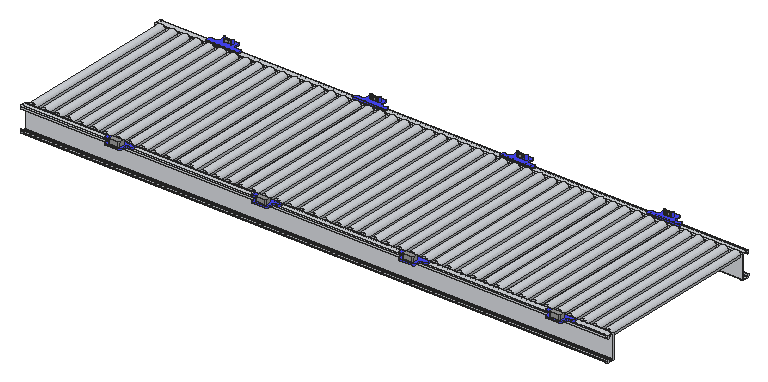
Revit family "C352", category Specialty Equipment, Revit 2025
Family settings
  Round Connector Dimension = Use Diameter
  Part Type = Normal
  Work Plane-Based = No
  Enable Cutting in Views = No
  Always vertical = Yes
  Cut with Voids When Loaded = No
  Maintain Annotation Orientation = No
  Shared = No
  Room Calculation Point = No
Parameters (values of type "C351- 42"")
  Weight [instance] = 0
  Version = ""
  Subsystem [instance] = ""
  Special_Part_Number [instance] = ""
  Special_Description [instance] = ""
  Special_Bed [instance] = no
  Segment [instance] = ""
  SIO_Block_Number [instance] = ""
  SENSOR_ARRY_NUM [instance] = round(CLR_BED_LENGTH / CLR_ZONES)  # 4
  SENSOR_ARRY [instance] = CLR_ZONES + CLR_SENSOR_SKEW  # 4' - 8"
  PHOTO_EYE_ARRAY [instance] = CLR_ZONES + CLR_PhotoEye_SP  # 4' - 0"
  Material_Number [instance] = ""
  MCP [instance] = ""
  Lookup Table Name BCL [instance] = "BOTTOM_COVER_BCL"
  Lookup Table Name BCAN [instance] = "BOTTOM_COVER_ARRAY_NUM"
  Lookup Table Name [instance] = "PHOTO_EYE"
  Load_Envelope_Height [instance] = 1' - 0"
  Load_Envelope [instance] = no
  IO_Block_Number [instance] = ""
  Field_Cut [instance] = no
  Estop_Zone [instance] = ""
  Error_State [instance] = no
  Default Elevation = 0' - 0"
  Conveyor_Number [instance] = "100"
  Conveyor_Elevation_Out [instance] = Conveyor_Elevation_In  # 2' - 7 51/256"
  Conveyor_Elevation_In [instance] = 2' - 7 51/256"
  CLR_ZONE_CONTROL = "N"
  CLR_ZONES [instance] = 3' - 0"
  CLR_VFD = no
  CLR_TE_POSITION = "N"
  CLR_TAKE_UP_SPRING_QUANTITY = 0
  CLR_TAKE_UP = "N"
  CLR_SUBCLASS = ""
  CLR_SPRING_COVER [instance] = no
  CLR_SPEED_FPM = 0
  CLR_SLAVE_RATIO = "N"
  CLR_SENSOR_SKEW [instance] = size_lookup(Lookup Table Name, "CSS", CLR_PhotoEye_SP, CLR_NOMINAL_WIDTH, CLR_ZONES, CLR_SENSOR_ANGLE)  # 1' - 8"
  CLR_SENSOR_MOUNT [instance] = "Side"
  CLR_SENSOR_HAND [instance] = "Left"
  CLR_SENSOR_ANGLE [instance] = 9.00°
  CLR_ROLLER_NUM [instance] = CLR_BED_LENGTH / CLR_ROLLER_CENTER  # 48
  CLR_ROLLER_CENTER [instance] = 0' - 3"
  CLR_PhotoEye_SP [instance] = if(CLR_ZONES = 3' 0", 1' 0", if(CLR_ZONES = 2' 0", 0' 8", 0' 8"))  # 1' - 0"
  CLR_PULLEY_TYPE = "N"
  CLR_POPOUT_CARRYING_ROLLERS [instance] = no
  CLR_NOMINAL_WIDTH + 1" [instance] = CLR_NOMINAL_WIDTH + 0' 1"  # 3' - 7"
  CLR_NOMINAL_WIDTH  -2.5" [instance] = CLR_NOMINAL_WIDTH - 0' 2 1/2"  # 3' - 3 1/2"
  CLR_NOMINAL_WIDTH [instance] = if(Bed_Width = 1' 6", 1' 6", if(Bed_Width = 2' 0", 2' 0", if(Bed_Width = 2' 6", 2' 6", if(Bed_Width = 3' 0", 3' 0", if(Bed_Width = 3' 6", 3' 6", 1' 6")))))  # 3' - 6"
  CLR_MOTOR_VOLTAGE = "N"
  CLR_MOTOR_TYPE = "N"
  CLR_MOTOR_HP = 0
  CLR_MODULE = ""
  CLR_LIFTER_ROLLER_CENTER [instance] = 0' - 6"
  CLR_FINGER_GUARD [instance] = no
  CLR_DRIVE_TRAIN_TYPE = "N"
  CLR_DRIVE_SIZE = 0
  CLR_CONTROL_VOLTAGE = "N"
  CLR_CONTROL_DEVICE = "N"
  CLR_CONNECTION_KIT = "N"
  CLR_CARRYING_ROLLER [instance] = "Standard\r\nStandard\r\nStandard"
  CLR_BOTTOM_COVERS [instance] = no
  CLR_BED_LENGTH [instance] = rounddown(Bed_Length / CLR_ZONES) * CLR_ZONES  # 12' - 0"
  CLR_ASSEMBLY_HAND = "N"
  CLR_AIR_BRAKE = 0
  Belting [instance] = if(Bed_Width = 1' 6", 0' 8", if(Bed_Width = 2' 0", 0' 8", if(Bed_Width = 2' 6", 0' 8", if(Bed_Width = 3' 0", 0' 8", if(Bed_Width = 3' 6", 0' 8", 0' 8")))))  # 0' - 8"
  Bed_Width [instance] = 3' - 6"
  Bed_Length [instance] = 12' - 0"
  BOTTOM_COVER_ARRAY_NUM [instance] = size_lookup(Lookup Table Name BCAN, "BCAN", 1, CLR_BED_LENGTH)  # 4
  BOTTOM_COVERS_LOCATION [instance] = BOTTOM_COVERS_LENGTH + BOTTOM_COVERS_LENGTH / 2  # 4' - 6"
  BOTTOM_COVERS_LENGTH [instance] = size_lookup(Lookup Table Name BCL, "BCL", 2' 0", CLR_BED_LENGTH, BOTTOM_COVER_ARRAY_NUM)  # 3' - 0"
  Asset ID [instance] = ""
  Air_Consumption [instance] = 0
Types (5): name | SENSOR_ARRY_NUM | SENSOR_ARRY | PHOTO_EYE_ARRAY | Conveyor_Elevation_Out | Conveyor_Elevation_In | CLR_ZONES | CLR_SENSOR_SKEW | CLR_PhotoEye_SP | CLR_NOMINAL_WIDTH + 1" | CLR_NOMINAL_WIDTH  -2.5" | CLR_NOMINAL_WIDTH | Bed_Width
  C351- 18" | 6 | 3' - 0" | 2' - 8" | 2' - 6" | 2' - 6" | 2' - 0" | 1' - 0" | 0' - 8" | 1' - 7" | 1' - 3 1/2" | 1' - 6" | 1' - 6"
  C351- 24" | 4 | 4' - 4" | 4' - 0" | 2' - 6" | 2' - 6" | 3' - 0" | 1' - 4" | 1' - 0" | 2' - 1" | 1' - 9 1/2" | 2' - 0" | 2' - 0"
  C351- 30" | 4 | 4' - 6" | 4' - 0" | 2' - 7 51/256" | 2' - 7 51/256" | 3' - 0" | 1' - 6" | 1' - 0" | 2' - 7" | 2' - 3 1/2" | 2' - 6" | 2' - 6"
  C351- 36" | 4 | 4' - 6" | 4' - 0" | 2' - 7 51/256" | 2' - 7 51/256" | 3' - 0" | 1' - 6" | 1' - 0" | 3' - 1" | 2' - 9 1/2" | 3' - 0" | 3' - 0"
  C351- 42" | 4 | 4' - 8" | 4' - 0" | 2' - 7 51/256" | 2' - 7 51/256" | 3' - 0" | 1' - 8" | 1' - 0" | 3' - 7" | 3' - 3 1/2" | 3' - 6" | 3' - 6"
Reference planes (in)
  plane 1 "Centerline": y = 0
  plane 2: z = 0
  plane 3 "Entry_End": x = 0
  plane 4 "Top_of_Roller": z = 31.19922
  plane 5 "Top_of_SideFrame": z = 30.90922
  plane 6 "Bot_of_SideFrame": z = 24.90922
  plane 7 "LH_Out": y = 21.5
  plane 8 "RH_Out": y = -21.5
  plane 9 "RH_In": y = -19.75
  plane 10 "LH_In": y = 19.75
  plane 11 "Exit_End": x = 144
  plane 12 "PhotoEye_SP": x = 132
  plane 13 "Sensor_Skew": x = 124
  plane 14: x = 60.81944
  plane 15: y = -38.13976
  plane 16: z = 31.19922
  plane 17: z = 43.19922
  plane 18: y = -19.75
  plane 19: y = 19.75
Forms (in)
  Extrusion 1, solid, detail levels coarse+medium
    sketch origin (0, 0, 0) x (0, 1, 0) y (0, 0, 1)
      loop
        line (21.5, 30.90922) -> (-21.5, 30.90922) -> (-21.5, 24.90922) -> (21.5, 24.90922) -> (21.5, 30.90922)
    from 0 to 144
  Extrusion 2, solid, material "Load Envelope", visible <- "Load_Envelope"
    sketch origin (0, 0, 0) x (0, 1, 0) y (0, 0, 1)
      loop
        line (19.75, 43.19922) -> (-19.75, 43.19922) -> (-19.75, 31.19922) -> (19.75, 31.19922) -> (19.75, 43.19922)
    from 0 to 144
Lines and regions (in)
  model lines, style "Belt"
    curve 1: line (0, 4, 31.19922) -> (144, 4, 31.19922)
    curve 2: line (0, -4, 31.19922) -> (0, 4, 31.19922)
    curve 3: line (144, -4, 31.19922) -> (0, -4, 31.19922)
    curve 4: line (144, 4, 31.19922) -> (144, -4, 31.19922)
  model lines, style "Centerline"
    curve 5: line (0, 0, 31.19922) -> (144, 0, 31.19922)
  model lines, style "Flow Arrow", not visible
    curve 6: line (108.81944, -38.13976, 30) -> (132.81944, -38.13976, 30)
    curve 7: line (132.81944, -38.13976, 30) -> (122.42713, -32.13976, 30)
    curve 8: line (132.81944, -38.13976, 30) -> (122.42713, -44.13976, 30)
Dimensions and locks (in)
  equal spacing: plane 10 "LH_In", plane 1 "Centerline", plane 9 "RH_In"
  "CLR_NOMINAL_WIDTH  -2.5"": plane 10 "LH_In" to plane 9 "RH_In"
  equal spacing: plane 7 "LH_Out", plane 1 "Centerline", plane 8 "RH_Out"
  "CLR_NOMINAL_WIDTH + 1"": plane 7 "LH_Out" to plane 8 "RH_Out"
  "Conveyor_Elevation_In": plane 4 "Top_of_Roller" to level
  locked: plane 4 "Top_of_Roller" to plane 5 "Top_of_SideFrame" at 0.29
  locked: plane 5 "Top_of_SideFrame" to plane 6 "Bot_of_SideFrame" at 6
  locked: nested 1 to plane 6 "Bot_of_SideFrame"
  locked: nested 1 to plane 10 "LH_In"
  locked: plane 6 "Bot_of_SideFrame" to nested 2
  locked: plane 9 "RH_In" to nested 2
  locked: plane 3 "Entry_End" to nested 3 at 1.5
  locked: plane 4 "Top_of_Roller" to nested 3
  equal spacing: group 1, group 2, group 3, group 4, group 5, group 6, group 7, group 8, group 14, group 15, group 16, group 17, group 18, group 19, group 20, group 21, group 22, group 23, group 24, group 25, group 26, group 27, group 28, group 29, group 30, group 31, group 32, group 33, group 34, group 35, group 36, group 37, group 38, group 39, group 40, group 41, group 47, group 48, group 49, group 50, group 54, group 55, group 56, group 57, group 58, group 59, group 60, group 61  (x2)
  equal spacing: group 61, group 60, group 59, group 58, group 57, group 56, group 55, group 54, group 50, group 49, group 48, group 47, group 41, group 40, group 39, group 38, group 37, group 36, group 35, group 34, group 33, group 32, group 31, group 30, group 29, group 28, group 27, group 26, group 25, group 24, group 23, group 22, group 21, group 20, group 19, group 18, group 17, group 16, group 15, group 14, group 8, group 7, group 6, group 5, group 4, group 3, group 2, group 1
  locked: plane 3 "Entry_End" to nested 4 at 4.5
  "CLR_BED_LENGTH": plane 3 "Entry_End" to plane 11 "Exit_End"
  "CLR_PhotoEye_SP": plane 11 "Exit_End" to plane 12 "PhotoEye_SP"
  "CLR_SENSOR_SKEW": plane 11 "Exit_End" to plane 13 "Sensor_Skew"
  equal spacing: group 51, group 42, group 10, group 9
  equal spacing: group 9, group 10, group 42, group 51  (x2)
  "SENSOR_ARRY": nested 12 to plane 11 "Exit_End"
  locked: plane 5 "Top_of_SideFrame" to nested 11
  locked: plane 8 "RH_Out" to nested 13
  equal spacing: group 52, group 43, group 12, group 11
  equal spacing: group 11, group 12, group 43, group 52  (x2)
  "PHOTO_EYE_ARRAY": nested 14 to plane 11 "Exit_End"
  locked: plane 5 "Top_of_SideFrame" to nested 13
  equal spacing: curve 3, plane 1 "Centerline", curve 1
  "Belting": curve 3 to curve 1
  equal spacing: plane 19, plane 1 "Centerline", plane 18
  "CLR_NOMINAL_WIDTH  -2.5"": plane 19 to plane 18
  "Load_Envelope_Height": plane 17 to plane 16
  locked: plane 3 "Entry_End" to nested 45
  equal spacing: group 44, group 45, group 46, group 53  (x2)
  equal spacing: group 53, group 46, group 45, group 44
  "BOTTOM_COVERS_LOCATION": nested 46 to plane 3 "Entry_End"
  aligned and locked: level to plane 2
  aligned and locked: plane 3 "Entry_End" to nested 1
  aligned and locked: plane 3 "Entry_End" to nested 2
  aligned and locked: plane 1 "Centerline" to nested 3
  aligned and locked: nested 11 to plane 13 "Sensor_Skew"
  aligned and locked: plane 7 "LH_Out" to nested 11
  aligned and locked: plane 12 "PhotoEye_SP" to nested 13
  aligned and locked: plane 3 "Entry_End" to curve 2
  aligned and locked: curve 4 to plane 11 "Exit_End"
  aligned and locked: Extrusion 1 to plane 7 "LH_Out"
  aligned and locked: plane 5 "Top_of_SideFrame" to Extrusion 1
  aligned and locked: Extrusion 1 to plane 6 "Bot_of_SideFrame"
  aligned and locked: plane 11 "Exit_End" to Extrusion 1
  aligned and locked: plane 4 "Top_of_Roller" to plane 16
  aligned and locked: Extrusion 2 sketch curve to plane 17
  aligned and locked: Extrusion 2 sketch curve to plane 10 "LH_In"
  aligned and locked: Extrusion 2 sketch curve to nested 3  (x2)
  aligned and locked: plane 11 "Exit_End" to Extrusion 2
  aligned and locked: nested 45 to plane 6 "Bot_of_SideFrame"
  aligned and locked: plane 1 "Centerline" to nested 45
  aligned and locked: plane 4 "Top_of_Roller" to nested 62
  aligned and locked: nested 54 to plane 6 "Bot_of_SideFrame"
  aligned and locked: plane 7 "LH_Out" to nested 52
  aligned and locked: plane 8 "RH_Out" to nested 53
  aligned and locked: plane 5 "Top_of_SideFrame" to nested 52
  aligned and locked: plane 5 "Top_of_SideFrame" to nested 53
Automatic sketch dimensions
  plane 9 "RH_In" to Extrusion 1 sketch curve = 0' - 1 3/4"
  Extrusion 1 sketch curve to plane 10 "LH_In" = 0' - 1 3/4"
  Extrusion 1 sketch curve to plane 6 "Bot_of_SideFrame" = 0' - 0"
  plane 6 "Bot_of_SideFrame" to Extrusion 1 sketch curve = 0' - 6"
  plane 1 "Centerline" to curve 5 = 0' - 0"
Nested families (in)
  nested 1: "SW0024A" at (72, 20.625, 0.90922) x (0, -1, 0) z (0, 0, 1), Bed_Length <- "CLR_BED_LENGTH", type "SW0024A", detail levels fine
    with Conveyor_Elevation_In 2' - 6", Bed_Length 12' - 0"
  nested 2: "SW0023A" at (72, -20.625, 0.90922) x (0, -1, 0) z (0, 0, 1), Bed_Length <- "CLR_BED_LENGTH", type "SW0023A", detail levels fine
    with Conveyor_Elevation_In 2' - 6", Bed_Length 12' - 0"
  nested 3: "SW0289" at (1.5, 0, 1.19922), B <- "CLR_NOMINAL_WIDTH  -2.5"", type "SW0289", detail levels fine
    with Conveyor_Elevation_In 2' - 6", B 3' - 3 1/2"
  nested 4: "SW0289" at (4.5, 0, 1.19922), B <- "CLR_NOMINAL_WIDTH  -2.5"", type "SW0289", detail levels fine
    with Conveyor_Elevation_In 2' - 6", B 3' - 3 1/2"
  nested 5: "SW0289" at (7.5, 0, 1.19922), B <- "CLR_NOMINAL_WIDTH  -2.5"", type "SW0289", detail levels fine
    with Conveyor_Elevation_In 2' - 6", B 3' - 3 1/2"
  nested 6: "SW0289" at (10.5, 0, 1.19922), B <- "CLR_NOMINAL_WIDTH  -2.5"", type "SW0289", detail levels fine
    with Conveyor_Elevation_In 2' - 6", B 3' - 3 1/2"
  nested 7: "SW0289" at (13.5, 0, 1.19922), B <- "CLR_NOMINAL_WIDTH  -2.5"", type "SW0289", detail levels fine
    with Conveyor_Elevation_In 2' - 6", B 3' - 3 1/2"
  nested 8: "SW0289" at (16.5, 0, 1.19922), B <- "CLR_NOMINAL_WIDTH  -2.5"", type "SW0289", detail levels fine
    with Conveyor_Elevation_In 2' - 6", B 3' - 3 1/2"
  nested 9: "SW0289" at (19.5, 0, 1.19922), B <- "CLR_NOMINAL_WIDTH  -2.5"", type "SW0289", detail levels fine
    with Conveyor_Elevation_In 2' - 6", B 3' - 3 1/2"
  nested 10: "SW0289" at (22.5, 0, 1.19922), B <- "CLR_NOMINAL_WIDTH  -2.5"", type "SW0289", detail levels fine
    with Conveyor_Elevation_In 2' - 6", B 3' - 3 1/2"
  nested 11: "SW0014" at (124, 21.5, 1.19828), type "SW0014"
  nested 12: "SW0014" at (88, 21.5, 1.19828), type "SW0014"
  nested 13: "SW0037-01" at (132, -21.5, 1.19828), type "SW0037-01"
    with Conveyor_Elevation_In 2' - 5 91/128"
  nested 14: "SW0037-01" at (96, -21.5, 1.19828), type "SW0037-01"
    with Conveyor_Elevation_In 2' - 5 91/128"
  nested 15: "SW0289" at (25.5, 0, 1.19922), B <- "CLR_NOMINAL_WIDTH  -2.5"", type "SW0289", detail levels fine
    with Conveyor_Elevation_In 2' - 6", B 3' - 3 1/2"
  nested 16: "SW0289" at (28.5, 0, 1.19922), B <- "CLR_NOMINAL_WIDTH  -2.5"", type "SW0289", detail levels fine
    with Conveyor_Elevation_In 2' - 6", B 3' - 3 1/2"
  nested 17: "SW0289" at (31.5, 0, 1.19922), B <- "CLR_NOMINAL_WIDTH  -2.5"", type "SW0289", detail levels fine
    with Conveyor_Elevation_In 2' - 6", B 3' - 3 1/2"
  nested 18: "SW0289" at (34.5, 0, 1.19922), B <- "CLR_NOMINAL_WIDTH  -2.5"", type "SW0289", detail levels fine
    with Conveyor_Elevation_In 2' - 6", B 3' - 3 1/2"
  nested 19: "SW0289" at (37.5, 0, 1.19922), B <- "CLR_NOMINAL_WIDTH  -2.5"", type "SW0289", detail levels fine
    with Conveyor_Elevation_In 2' - 6", B 3' - 3 1/2"
  nested 20: "SW0289" at (40.5, 0, 1.19922), B <- "CLR_NOMINAL_WIDTH  -2.5"", type "SW0289", detail levels fine
    with Conveyor_Elevation_In 2' - 6", B 3' - 3 1/2"
  nested 21: "SW0289" at (43.5, 0, 1.19922), B <- "CLR_NOMINAL_WIDTH  -2.5"", type "SW0289", detail levels fine
    with Conveyor_Elevation_In 2' - 6", B 3' - 3 1/2"
  nested 22: "SW0289" at (46.5, 0, 1.19922), B <- "CLR_NOMINAL_WIDTH  -2.5"", type "SW0289", detail levels fine
    with Conveyor_Elevation_In 2' - 6", B 3' - 3 1/2"
  nested 23: "SW0289" at (49.5, 0, 1.19922), B <- "CLR_NOMINAL_WIDTH  -2.5"", type "SW0289", detail levels fine
    with Conveyor_Elevation_In 2' - 6", B 3' - 3 1/2"
  nested 24: "SW0289" at (52.5, 0, 1.19922), B <- "CLR_NOMINAL_WIDTH  -2.5"", type "SW0289", detail levels fine
    with Conveyor_Elevation_In 2' - 6", B 3' - 3 1/2"
  nested 25: "SW0289" at (55.5, 0, 1.19922), B <- "CLR_NOMINAL_WIDTH  -2.5"", type "SW0289", detail levels fine
    with Conveyor_Elevation_In 2' - 6", B 3' - 3 1/2"
  nested 26: "SW0289" at (58.5, 0, 1.19922), B <- "CLR_NOMINAL_WIDTH  -2.5"", type "SW0289", detail levels fine
    with Conveyor_Elevation_In 2' - 6", B 3' - 3 1/2"
  nested 27: "SW0289" at (61.5, 0, 1.19922), B <- "CLR_NOMINAL_WIDTH  -2.5"", type "SW0289", detail levels fine
    with Conveyor_Elevation_In 2' - 6", B 3' - 3 1/2"
  nested 28: "SW0289" at (64.5, 0, 1.19922), B <- "CLR_NOMINAL_WIDTH  -2.5"", type "SW0289", detail levels fine
    with Conveyor_Elevation_In 2' - 6", B 3' - 3 1/2"
  nested 29: "SW0289" at (67.5, 0, 1.19922), B <- "CLR_NOMINAL_WIDTH  -2.5"", type "SW0289", detail levels fine
    with Conveyor_Elevation_In 2' - 6", B 3' - 3 1/2"
  nested 30: "SW0289" at (70.5, 0, 1.19922), B <- "CLR_NOMINAL_WIDTH  -2.5"", type "SW0289", detail levels fine
    with Conveyor_Elevation_In 2' - 6", B 3' - 3 1/2"
  nested 31: "SW0289" at (73.5, 0, 1.19922), B <- "CLR_NOMINAL_WIDTH  -2.5"", type "SW0289", detail levels fine
    with Conveyor_Elevation_In 2' - 6", B 3' - 3 1/2"
  nested 32: "SW0289" at (76.5, 0, 1.19922), B <- "CLR_NOMINAL_WIDTH  -2.5"", type "SW0289", detail levels fine
    with Conveyor_Elevation_In 2' - 6", B 3' - 3 1/2"
  nested 33: "SW0289" at (79.5, 0, 1.19922), B <- "CLR_NOMINAL_WIDTH  -2.5"", type "SW0289", detail levels fine
    with Conveyor_Elevation_In 2' - 6", B 3' - 3 1/2"
  nested 34: "SW0289" at (82.5, 0, 1.19922), B <- "CLR_NOMINAL_WIDTH  -2.5"", type "SW0289", detail levels fine
    with Conveyor_Elevation_In 2' - 6", B 3' - 3 1/2"
  nested 35: "SW0289" at (85.5, 0, 1.19922), B <- "CLR_NOMINAL_WIDTH  -2.5"", type "SW0289", detail levels fine
    with Conveyor_Elevation_In 2' - 6", B 3' - 3 1/2"
  nested 36: "SW0289" at (88.5, 0, 1.19922), B <- "CLR_NOMINAL_WIDTH  -2.5"", type "SW0289", detail levels fine
    with Conveyor_Elevation_In 2' - 6", B 3' - 3 1/2"
  nested 37: "SW0289" at (91.5, 0, 1.19922), B <- "CLR_NOMINAL_WIDTH  -2.5"", type "SW0289", detail levels fine
    with Conveyor_Elevation_In 2' - 6", B 3' - 3 1/2"
  nested 38: "SW0289" at (94.5, 0, 1.19922), B <- "CLR_NOMINAL_WIDTH  -2.5"", type "SW0289", detail levels fine
    with Conveyor_Elevation_In 2' - 6", B 3' - 3 1/2"
  nested 39: "SW0289" at (97.5, 0, 1.19922), B <- "CLR_NOMINAL_WIDTH  -2.5"", type "SW0289", detail levels fine
    with Conveyor_Elevation_In 2' - 6", B 3' - 3 1/2"
  nested 40: "SW0289" at (100.5, 0, 1.19922), B <- "CLR_NOMINAL_WIDTH  -2.5"", type "SW0289", detail levels fine
    with Conveyor_Elevation_In 2' - 6", B 3' - 3 1/2"
  nested 41: "SW0289" at (103.5, 0, 1.19922), B <- "CLR_NOMINAL_WIDTH  -2.5"", type "SW0289", detail levels fine
    with Conveyor_Elevation_In 2' - 6", B 3' - 3 1/2"
  nested 42: "SW0289" at (106.5, 0, 1.19922), B <- "CLR_NOMINAL_WIDTH  -2.5"", type "SW0289", detail levels fine
    with Conveyor_Elevation_In 2' - 6", B 3' - 3 1/2"
  nested 43: "SW0014" at (52, 21.5, 1.19828), type "SW0014"
  nested 44: "SW0037-01" at (60, -21.5, 1.19828), type "SW0037-01"
    with Conveyor_Elevation_In 2' - 5 91/128"
  nested 45: "SW0046" at (18, 0, 1.19922), CLR_NOMINAL_WIDTH <- "CLR_NOMINAL_WIDTH  -2.5"", bottom cover length <- "BOTTOM_COVERS_LENGTH", visible <- "CLR_BOTTOM_COVERS", type "SW0046", detail levels fine
    with bottom cover length 36.000", Nominal wedith 39.268", CLR_NOMINAL_WIDTH 3' - 3 1/2"
  nested 46: "SW0046" at (54, 0, 1.19922), CLR_NOMINAL_WIDTH <- "CLR_NOMINAL_WIDTH  -2.5"", bottom cover length <- "BOTTOM_COVERS_LENGTH", visible <- "CLR_BOTTOM_COVERS", type "SW0046", detail levels fine
    with bottom cover length 36.000", Nominal wedith 39.268", CLR_NOMINAL_WIDTH 3' - 3 1/2"
  nested 47: "SW0046" at (90, 0, 1.19922), CLR_NOMINAL_WIDTH <- "CLR_NOMINAL_WIDTH  -2.5"", bottom cover length <- "BOTTOM_COVERS_LENGTH", visible <- "CLR_BOTTOM_COVERS", type "SW0046", detail levels fine
    with bottom cover length 36.000", Nominal wedith 39.268", CLR_NOMINAL_WIDTH 3' - 3 1/2"
  nested 48: "SW0289" at (109.5, 0, 1.19922), B <- "CLR_NOMINAL_WIDTH  -2.5"", type "SW0289", detail levels fine
    with Conveyor_Elevation_In 2' - 6", B 3' - 3 1/2"
  nested 49: "SW0289" at (112.5, 0, 1.19922), B <- "CLR_NOMINAL_WIDTH  -2.5"", type "SW0289", detail levels fine
    with Conveyor_Elevation_In 2' - 6", B 3' - 3 1/2"
  nested 50: "SW0289" at (115.5, 0, 1.19922), B <- "CLR_NOMINAL_WIDTH  -2.5"", type "SW0289", detail levels fine
    with Conveyor_Elevation_In 2' - 6", B 3' - 3 1/2"
  nested 51: "SW0289" at (118.5, 0, 1.19922), B <- "CLR_NOMINAL_WIDTH  -2.5"", type "SW0289", detail levels fine
    with Conveyor_Elevation_In 2' - 6", B 3' - 3 1/2"
  nested 52: "SW0014" at (16, 21.5, 1.19828), type "SW0014"
  nested 53: "SW0037-01" at (24, -21.5, 1.19828), type "SW0037-01"
    with Conveyor_Elevation_In 2' - 5 91/128"
  nested 54: "SW0046" at (126, 0, 1.19922), CLR_NOMINAL_WIDTH <- "CLR_NOMINAL_WIDTH  -2.5"", bottom cover length <- "BOTTOM_COVERS_LENGTH", visible <- "CLR_BOTTOM_COVERS", type "SW0046", detail levels fine
    with bottom cover length 36.000", Nominal wedith 39.268", CLR_NOMINAL_WIDTH 3' - 3 1/2"
  nested 55: "SW0289" at (121.5, 0, 1.19922), B <- "CLR_NOMINAL_WIDTH  -2.5"", type "SW0289", detail levels fine
    with Conveyor_Elevation_In 2' - 6", B 3' - 3 1/2"
  nested 56: "SW0289" at (124.5, 0, 1.19922), B <- "CLR_NOMINAL_WIDTH  -2.5"", type "SW0289", detail levels fine
    with Conveyor_Elevation_In 2' - 6", B 3' - 3 1/2"
  nested 57: "SW0289" at (127.5, 0, 1.19922), B <- "CLR_NOMINAL_WIDTH  -2.5"", type "SW0289", detail levels fine
    with Conveyor_Elevation_In 2' - 6", B 3' - 3 1/2"
  nested 58: "SW0289" at (130.5, 0, 1.19922), B <- "CLR_NOMINAL_WIDTH  -2.5"", type "SW0289", detail levels fine
    with Conveyor_Elevation_In 2' - 6", B 3' - 3 1/2"
  nested 59: "SW0289" at (133.5, 0, 1.19922), B <- "CLR_NOMINAL_WIDTH  -2.5"", type "SW0289", detail levels fine
    with Conveyor_Elevation_In 2' - 6", B 3' - 3 1/2"
  nested 60: "SW0289" at (136.5, 0, 1.19922), B <- "CLR_NOMINAL_WIDTH  -2.5"", type "SW0289", detail levels fine
    with Conveyor_Elevation_In 2' - 6", B 3' - 3 1/2"
  nested 61: "SW0289" at (139.5, 0, 1.19922), B <- "CLR_NOMINAL_WIDTH  -2.5"", type "SW0289", detail levels fine
    with Conveyor_Elevation_In 2' - 6", B 3' - 3 1/2"
  nested 62: "SW0289" at (142.5, 0, 1.19922), B <- "CLR_NOMINAL_WIDTH  -2.5"", type "SW0289", detail levels fine
    with Conveyor_Elevation_In 2' - 6", B 3' - 3 1/2"
Connectors (in)
  cabletrayconduit at (144, 0, 27.90922), diameter 6
    settings: on Extrusion 1, index 1, connector width 1' - 0", connector height 1' - 0", connector angle 0.00°, system type 32, placement type 0, profile type 0, connector reference index -1, is primary connector yes, connector utility param no, connector description ""
  cabletrayconduit at (0, 0, 27.90922), diameter 6
    settings: on Extrusion 1, index 2, connector width 1' - 0", connector height 1' - 0", connector angle 0.00°, system type 32, placement type 0, profile type 0, connector reference index -1, is primary connector no, connector utility param no, connector description ""
Definition of nested family "SW0024A"
  Parameters (values of type "SW0024A")
    Description = "SW0001A - 6.00 X 1.75 X \"A\" LG"
    Default Elevation = 0' - 0"
    Conveyor_Elevation_In [instance] = 2' - 6"
    Bed_Length [instance] = 12' - 0"
  Reference planes (in)
    plane 1 "Center (Front/Back)": y = 0
    plane 2: z = 0
    plane 3 "Centerline": x = 0
    plane 4 "Bot_of_SideFrame": z = 24
    plane 5 "Top_of_SideFrame": z = 30
    plane 6 "LH_Out": x = 0.875
    plane 7 "LH_In": x = -0.875
    plane 8 "Entry_End": y = -72
    plane 9 "Exit_End": y = 72
  Forms (in)
    Extrusion 1, solid
      sketch origin (0, 0, 0) x (1, 0, 0) y (0, 0, 1)
        loop
          arc (-0.615, 30) -> (-0.79885, 29.92385) -> (-0.875, 29.74) r 0.26
          line (-0.875, 29.74) -> (-0.875, 29.25) -> (-0.74609, 29.25) -> (-0.74609, 29.75109)
          arc (-0.74609, 29.75109) -> (-0.71095, 29.83595) -> (-0.62609, 29.87109) r 0.12
          line (-0.62609, 29.87109) -> (0.62609, 29.87109)
          arc (0.62609, 29.87109) -> (0.71095, 29.83595) -> (0.74609, 29.75109) r 0.12
          line (0.74609, 29.75109) -> (0.74609, 24.24891)
          arc (0.74609, 24.24891) -> (0.71095, 24.16405) -> (0.62609, 24.12891) r 0.12
          line (0.62609, 24.12891) -> (-0.62609, 24.12891)
          arc (-0.62609, 24.12891) -> (-0.71095, 24.16405) -> (-0.74609, 24.24891) r 0.12
          line (-0.74609, 24.24891) -> (-0.74609, 24.75) -> (-0.875, 24.75) -> (-0.875, 24.26)
          arc (-0.875, 24.26) -> (-0.79885, 24.07615) -> (-0.615, 24) r 0.26
          line (-0.615, 24) -> (0.615, 24)
          arc (0.615, 24) -> (0.79885, 24.07615) -> (0.875, 24.26) r 0.26
          line (0.875, 24.26) -> (0.875, 29.74)
          arc (0.875, 29.74) -> (0.79885, 29.92385) -> (0.615, 30) r 0.26
          line (0.615, 30) -> (-0.615, 30)
      from -72 to 72
  Dimensions and locks (in)
    "Conveyor_Elevation_In": plane 5 "Top_of_SideFrame" to level
    locked: plane 5 "Top_of_SideFrame" to plane 4 "Bot_of_SideFrame" at 6
    equal spacing: plane 6 "LH_Out", plane 3 "Centerline", plane 7 "LH_In"
    plane 6 "LH_Out" to plane 7 "LH_In" = 0' - 1 3/4"
    plane 6 "LH_Out" to plane 3 "Centerline" = 0' - 0 7/8"
    equal spacing: plane 9 "Exit_End", plane 1 "Center (Front/Back)", plane 8 "Entry_End"
    "Bed_Length": plane 9 "Exit_End" to plane 8 "Entry_End"
    aligned and locked: plane 2 to level
    aligned and locked: Extrusion 1 sketch curve to plane 5 "Top_of_SideFrame"
    aligned and locked: plane 7 "LH_In" to Extrusion 1 sketch curve
    aligned and locked: plane 4 "Bot_of_SideFrame" to Extrusion 1 sketch curve
    aligned and locked: plane 6 "LH_Out" to Extrusion 1 sketch curve
    aligned and locked: Extrusion 1 to plane 8 "Entry_End"
    aligned and locked: plane 9 "Exit_End" to Extrusion 1
  Automatic sketch dimensions
    Extrusion 1 sketch curve to plane 7 "LH_In" = 0' - 0"
    Extrusion 1 sketch curve to Extrusion 1 sketch curve = 0' - 0 33/256"  (x2)
    Extrusion 1 sketch curve to Extrusion 1 sketch curve = 0' - 0.12"  (x3)
    Extrusion 1 sketch curve to Extrusion 1 sketch curve = 0' - 0.01109"  (x5)
    Extrusion 1 sketch curve to plane 5 "Top_of_SideFrame" = 0' - 0.26"
    plane 6 "LH_Out" to Extrusion 1 sketch curve = 0' - 0.26"
    plane 4 "Bot_of_SideFrame" to Extrusion 1 sketch curve = 0' - 0 33/256"
    Extrusion 1 sketch curve to Extrusion 1 sketch curve = 0' - 0.49"  (x2)
Definition of nested family "SW0023A"
  Parameters (values of type "SW0023A")
    Description = "SW0001A - 6.00 X 1.75 X \"A\" LG"
    Default Elevation = 0' - 0"
    Conveyor_Elevation_In [instance] = 2' - 6"
    Bed_Length [instance] = 12' - 0"
  Reference planes (in)
    plane 1 "Center (Front/Back)": y = 0
    plane 2: z = 0
    plane 3 "CenterLine": x = 0
    plane 4 "Bot_of_SideFrame": z = 24
    plane 5 "Top_of_SideFrame": z = 30
    plane 6 "RH_OUT": x = 0.875
    plane 7 "RH_IN": x = -0.875
    plane 8 "Entry_End": y = -72
    plane 9 "Exit_End": y = 72
  Forms (in)
    Extrusion 1, solid
      sketch origin (0, 0, 0) x (1, 0, 0) y (0, 0, 1)
        loop
          arc (-0.615, 30) -> (-0.79885, 29.92385) -> (-0.875, 29.74) r 0.26
          line (-0.875, 29.74) -> (-0.875, 24.26)
          arc (-0.875, 24.26) -> (-0.79885, 24.07615) -> (-0.615, 24) r 0.26
          line (-0.615, 24) -> (0.615, 24)
          arc (0.615, 24) -> (0.79885, 24.07615) -> (0.875, 24.26) r 0.26
          line (0.875, 24.26) -> (0.875, 24.75) -> (0.74219, 24.75) -> (0.74219, 24.25281)
          arc (0.74219, 24.25281) -> (0.70704, 24.16796) -> (0.62219, 24.13281) r 0.12
          line (0.62219, 24.13281) -> (-0.62219, 24.13281)
          arc (-0.62219, 24.13281) -> (-0.70704, 24.16796) -> (-0.74219, 24.25281) r 0.12
          line (-0.74219, 24.25281) -> (-0.74219, 29.74719)
          arc (-0.74219, 29.74719) -> (-0.70704, 29.83204) -> (-0.62219, 29.86719) r 0.12
          line (-0.62219, 29.86719) -> (0.62219, 29.86719)
          arc (0.62219, 29.86719) -> (0.70704, 29.83204) -> (0.74219, 29.74719) r 0.12
          line (0.74219, 29.74719) -> (0.74219, 29.25) -> (0.875, 29.25) -> (0.875, 29.74)
          arc (0.875, 29.74) -> (0.79885, 29.92385) -> (0.615, 30) r 0.26
          line (0.615, 30) -> (-0.615, 30)
      from -72 to 72
  Dimensions and locks (in)
    equal spacing: plane 6 "RH_OUT", plane 3 "CenterLine", plane 7 "RH_IN", locked at 0.875 each
    "Conveyor_Elevation_In": plane 5 "Top_of_SideFrame" to level
    locked: plane 5 "Top_of_SideFrame" to plane 4 "Bot_of_SideFrame" at 6
    plane 6 "RH_OUT" to plane 7 "RH_IN" = 0' - 1 3/4"
    equal spacing: plane 9 "Exit_End", plane 1 "Center (Front/Back)", plane 8 "Entry_End"
    "Bed_Length": plane 9 "Exit_End" to plane 8 "Entry_End"
    aligned and locked: plane 2 to level
    aligned and locked: Extrusion 1 to plane 8 "Entry_End"
    aligned and locked: plane 9 "Exit_End" to Extrusion 1
  Automatic sketch dimensions
    Extrusion 1 sketch curve to plane 7 "RH_IN" = 0' - 0"
    Extrusion 1 sketch curve to plane 4 "Bot_of_SideFrame" = 0' - 0"
    Extrusion 1 sketch curve to plane 5 "Top_of_SideFrame" = 0' - 0"
    Extrusion 1 sketch curve to plane 6 "RH_OUT" = 0' - 0"  (x2)
    Extrusion 1 sketch curve to Extrusion 1 sketch curve = 0' - 0.12"  (x3)
    Extrusion 1 sketch curve to Extrusion 1 sketch curve = 0' - 0.00719"  (x9)
    Extrusion 1 sketch curve to plane 6 "RH_OUT" = 0' - 0 17/128"
    Extrusion 1 sketch curve to Extrusion 1 sketch curve = 0' - 0.12719"
    Extrusion 1 sketch curve to Extrusion 1 sketch curve = 0' - 0.49719"
    Extrusion 1 sketch curve to Extrusion 1 sketch curve = 0' - 0.49"
    Extrusion 1 sketch curve to Extrusion 1 sketch curve = 0' - 0"
    plane 7 "RH_IN" to Extrusion 1 sketch curve = 0' - 0 17/128"
Definition of nested family "SW0289"
  Parameters (values of type "SW0289")
    Default Elevation = 0' - 0"
    Conveyor_Elevation_In [instance] = 2' - 6"
    B [instance] = 2' - 3 1/2"
  Reference planes (in)
    plane 1 "Center (Front/Back)": y = 0
    plane 2: z = 0
    plane 3 "Center (Left/Right)": x = 0
    plane 4 "Top_of_Roller": z = 30
    plane 5 "RH_In": y = -13.75
    plane 6 "LH_In": y = 13.75
    plane 7: z = 29.0625
  Forms (in)
    Extrusion 1, solid
      sketch origin (0, 0, 1.0625) x (1, 0, 0) y (0, 0, 1)
        loop
          circle (0, 28) r 0.9375
      from -13.75 to 13.75
  Dimensions and locks (in)
    "Conveyor_Elevation_In": plane 4 "Top_of_Roller" to level
    plane 4 "Top_of_Roller" to Extrusion 1 sketch curve = 0' - 0 15/16"
    equal spacing: plane 6 "LH_In", plane 1 "Center (Front/Back)", plane 5 "RH_In"
    "B": plane 6 "LH_In" to plane 5 "RH_In"
    locked: plane 4 "Top_of_Roller" to plane 7 at 0.9375
    diameter of Extrusion 1 sketch curve = 0' - 1 7/8"
    aligned and locked: level to plane 2
    aligned and locked: Extrusion 1 to plane 5 "RH_In"
    aligned and locked: plane 6 "LH_In" to Extrusion 1
    aligned and locked: plane 7 to Extrusion 1
  Automatic sketch dimensions
    Extrusion 1 sketch curve to plane 3 "Center (Left/Right)" = 0' - 0"
Definition of nested family "SW0014"
  Parameters (values of type "SW0014")
    Default Elevation = 4' - 0"
    Conveyor_Elevation_In = 2' - 5 91/128"
  Reference planes (in)
    plane 1 "Center (Front/Back)": y = 0
    plane 2: z = 0
    plane 3 "Center (Left/Right)": x = 0
    plane 4: y = 1.88
    plane 5: x = 4
    plane 6: x = -4
    plane 7: y = -1.13
    plane 8: x = -1.25
    plane 9: x = 1.25
    plane 10: z = 30.47656
    plane 11 "Top_of_SideFrame": z = 29.71094
  Forms (in)
    Extrusion 1, solid
      sketch origin (0, 0, 0) x (1, 0, 0) y (0, 1, 0)
        loop
          line (-4, -1.13) -> (4, -1.13) -> (4, -0.5)
          arc (4, -0.5) -> (3.85355, -0.14645) -> (3.5, 0) r 0.5
          line (3.5, 0) -> (2.5, 0)
          arc (2.5, 0) -> (2.14645, 0.14645) -> (2, 0.5) r 0.5
          line (2, 0.5) -> (2, 1.38)
          arc (2, 1.38) -> (1.85355, 1.73355) -> (1.5, 1.88) r 0.5
          line (1.5, 1.88) -> (-1.5, 1.88)
          arc (-1.5, 1.88) -> (-1.85355, 1.73355) -> (-2, 1.38) r 0.5
          line (-2, 1.38) -> (-2, 0.5)
          arc (-2, 0.5) -> (-2.14645, 0.14645) -> (-2.5, 0) r 0.5
          line (-2.5, 0) -> (-3.5, 0)
          arc (-3.5, 0) -> (-3.85355, -0.14645) -> (-4, -0.5) r 0.5
          line (-4, -0.5) -> (-4, -1.13)
      from 29.71094 to 30
    Extrusion 2, solid
      sketch origin (0, 0, 30) x (1, 0, 0) y (0, 1, 0)
        loop
          line (-1.25, 0.75) -> (-0.96967, 0.46967)
          arc (-0.96967, 0.46967) -> (-0.88856, 0.41548) -> (-0.79289, 0.39645) r 0.25
          line (-0.79289, 0.39645) -> (0.79289, 0.39645)
          arc (0.79289, 0.39645) -> (0.88856, 0.41548) -> (0.96967, 0.46967) r 0.25
          line (0.96967, 0.46967) -> (1.25, 0.75) -> (1.11261, 0.88739) -> (0.88919, 0.66397)
          arc (0.88919, 0.66397) -> (0.80808, 0.60978) -> (0.71241, 0.59075) r 0.25
          line (0.71241, 0.59075) -> (-0.71241, 0.59075)
          arc (-0.71241, 0.59075) -> (-0.80808, 0.60978) -> (-0.88919, 0.66397) r 0.25
          line (-0.88919, 0.66397) -> (-1.11261, 0.88739) -> (-1.25, 0.75)
      from 0 to 0.94922
    Extrusion 3, solid
      sketch origin (0.89645, 0.39645, 29.47656) x (-1, 0, 0) y (0, 0, -1)
        loop
          line (1.39645, -1.26562) -> (1.39645, -0.73437) -> (0.39645, -0.73437) -> (0.39645, -1.26562) -> (1.39645, -1.26562)
      from 0 to 0.06578
  Dimensions and locks (in)
    equal spacing: plane 6, plane 3 "Center (Left/Right)", plane 5
    equal spacing: Extrusion 1 sketch curve, plane 3 "Center (Left/Right)", Extrusion 1 sketch curve
    equal spacing: Extrusion 3 sketch curve, plane 3 "Center (Left/Right)", Extrusion 3 sketch curve
    equal spacing: Extrusion 3 sketch curve, plane 10, Extrusion 3 sketch curve
    Extrusion 3 sketch curve to Extrusion 3 sketch curve = 0' - 1"
    Extrusion 3 sketch curve to Extrusion 3 sketch curve = 0' - 0 17/32"
    Extrusion 1 sketch curve to Extrusion 1 sketch curve = 0' - 4"
    plane 1 "Center (Front/Back)" to plane 4 = 0' - 1.88"
    plane 6 to plane 5 = 0' - 8"
    plane 1 "Center (Front/Back)" to plane 7 = 0' - 1.13"
    "Conveyor_Elevation_In": plane 11 "Top_of_SideFrame" to level
    locked: Extrusion 1 to plane 11 "Top_of_SideFrame" at 0.28906
    locked: Extrusion 1 to Extrusion 3 at 0.5
    aligned and locked: plane 2 to level
    aligned and locked: Extrusion 1 sketch curve to plane 4
    aligned and locked: plane 5 to Extrusion 1 sketch curve
    aligned and locked: Extrusion 1 sketch curve to plane 7
    aligned and locked: plane 11 "Top_of_SideFrame" to Extrusion 1
  Automatic sketch dimensions
    Extrusion 1 sketch curve to plane 6 = 0' - 0"
    plane 1 "Center (Front/Back)" to Extrusion 1 sketch curve = 0' - 0"  (x2)
    Extrusion 1 sketch curve to Extrusion 1 sketch curve = 0' - 0 1/2"  (x4)
    Extrusion 1 sketch curve to plane 1 "Center (Front/Back)" = 0' - 0 1/2"
    Extrusion 1 sketch curve to plane 4 = 0' - 0 1/2"
    Extrusion 2 sketch curve to Extrusion 1 = 0' - 0 3/4"
    Extrusion 2 sketch curve to Extrusion 2 sketch curve = 0' - 0.13739"
    Extrusion 1 to Extrusion 2 sketch curve = 0' - 0.46967"  (x2)
    Extrusion 2 sketch curve to Extrusion 2 sketch curve = 0' - 0.28033"
    Extrusion 1 to Extrusion 2 sketch curve = 0' - 0.66397"  (x2)
    Extrusion 2 sketch curve to Extrusion 2 sketch curve = 0' - 0.08048"  (x3)
    Extrusion 2 sketch curve to Extrusion 2 sketch curve = 0' - 0.17678"  (x2)
    Extrusion 2 sketch curve to Extrusion 1 = 0' - 1.28759"
    Extrusion 2 sketch curve to Extrusion 2 sketch curve = 0' - 0.0963"
    Extrusion 2 sketch curve to Extrusion 2 sketch curve = 0' - 0.22342"
    Extrusion 1 to Extrusion 2 sketch curve = 0' - 0 3/4"
    Extrusion 2 sketch curve to Extrusion 2 sketch curve = 0' - 0.07322"
    Extrusion 2 sketch curve to Extrusion 2 sketch curve = 0' - 0.0557"
Definition of nested family "SW0037-01"
  Parameters (values of type "SW0037-01")
    Default Elevation = 4' - 0"
    Conveyor_Elevation_In [instance] = 2' - 5 91/128"
  Reference planes (in)
    plane 1 "Center (Front/Back)": y = 0
    plane 2: z = 0
    plane 3 "Center (Left/Right)": x = 0
    plane 4: y = -1.87
    plane 5: x = -3.5
    plane 6: x = 3.5
    plane 7: y = 1.13
    plane 8: y = 0.6875
    plane 9: z = 1.09766
    plane 10 "Top_of_SideFrame": z = 29.71094
  Forms (in)
    Extrusion 1, solid
      sketch origin (0, 0, 0) x (-1, 0, 0) y (0, -1, 0)
        loop
          line (-3.5, -0.5) -> (-3.5, -1.13) -> (3.5, -1.13) -> (3.5, -0.5)
          arc (3.5, -0.5) -> (3.35355, -0.14645) -> (3, 0) r 0.5
          line (3, 0) -> (2.5, 0)
          arc (2.5, 0) -> (2.14645, 0.14645) -> (2, 0.5) r 0.5
          line (2, 0.5) -> (2, 1.37)
          arc (2, 1.37) -> (1.85355, 1.72355) -> (1.5, 1.87) r 0.5
          line (1.5, 1.87) -> (-1.5, 1.87)
          arc (-1.5, 1.87) -> (-1.85355, 1.72355) -> (-2, 1.37) r 0.5
          line (-2, 1.37) -> (-2, 0.5)
          arc (-2, 0.5) -> (-2.14645, 0.14645) -> (-2.5, 0) r 0.5
          line (-2.5, 0) -> (-3, 0)
          arc (-3, 0) -> (-3.35355, -0.14645) -> (-3.5, -0.5) r 0.5
      from 29.71094 to 30
    Extrusion 2, solid
      sketch origin (0, 0, 0) x (1, 0, 0) y (0, 1, 0)
        loop
          line (-1.25, 0) -> (-1.25, -1.125)
          arc (-1.25, -1.125) -> (-1.17678, -1.30178) -> (-1, -1.375) r 0.25
          line (-1, -1.375) -> (1, -1.375)
          arc (1, -1.375) -> (1.17678, -1.30178) -> (1.25, -1.125) r 0.25
          line (1.25, -1.125) -> (1.25, 0) -> (-1.25, 0)
      from 30 to 31.05078
    Extrusion 3, solid
      sketch origin (-1.36459, 0, 0) x (1, 0, 0) y (0, 0, -1)
        loop
          circle (1.36459, -30.55078) r 0.25
      from 0 to 0.08951
  Dimensions and locks (in)
    equal spacing: Extrusion 1 sketch curve, plane 3 "Center (Left/Right)", Extrusion 1 sketch curve
    equal spacing: Extrusion 2 sketch curve, plane 3 "Center (Left/Right)", Extrusion 2 sketch curve
    locked: plane 4 to plane 1 "Center (Front/Back)" at 1.87
    plane 1 "Center (Front/Back)" to Extrusion 1 sketch curve = 0' - 1.13"
    equal spacing: plane 5, plane 3 "Center (Left/Right)", plane 6
    plane 5 to plane 6 = 0' - 7"
    Extrusion 1 sketch curve to Extrusion 1 sketch curve = 0' - 4"
    "Conveyor_Elevation_In": plane 10 "Top_of_SideFrame" to level
    Extrusion 2 to Extrusion 3 sketch curve = 0' - 0 1/2"
    aligned and locked: plane 2 to level
    aligned and locked: Extrusion 1 sketch curve to plane 4
  Automatic sketch dimensions
    Extrusion 1 sketch curve to plane 6 = 0' - 0"
    plane 1 "Center (Front/Back)" to Extrusion 1 sketch curve = 0' - 0"  (x2)
    Extrusion 1 sketch curve to plane 5 = 0' - 0"
    plane 6 to Extrusion 1 sketch curve = 0' - 0 1/2"
    Extrusion 1 sketch curve to Extrusion 1 sketch curve = 0' - 0 1/2"  (x3)
    Extrusion 1 sketch curve to plane 4 = 0' - 0 1/2"
    Extrusion 1 sketch curve to plane 8 = 0' - 0 3/16"
    plane 1 "Center (Front/Back)" to Extrusion 2 sketch curve = 0' - 0"
    Extrusion 2 sketch curve to plane 3 "Center (Left/Right)" = 0' - 1 1/4"
    Extrusion 2 sketch curve to Extrusion 2 sketch curve = 0' - 0 1/4"  (x2)
    plane 1 "Center (Front/Back)" to Extrusion 2 sketch curve = 0' - 1 1/8"
    Extrusion 3 sketch curve to Extrusion 2 = 0' - 1 1/4"
    radius of Extrusion 3 sketch curve = 0' - 0 1/4"
Definition of nested family "SW0046"
  Parameters (values of type "SW0046")
    Default Elevation = 0' - 0"
    bottom cover length [instance] = 36.000"
    Nominal wedith [instance] = CLR_NOMINAL_WIDTH - 0.116" - 0.116"  # 11.768"
    CLR_NOMINAL_WIDTH [instance] = 1' - 0"
  Reference planes (in)
    plane 1 "Center (Front/Back)": y = 0
    plane 2: z = 0
    plane 3 "Center (Left/Right)": x = 0
    plane 4: y = 5.884
    plane 5: y = -5.884
    plane 6: x = 18
    plane 7: x = -18
    plane 8 "Bot_of_SideFrame": z = 23.71
    plane 9: y = 6
    plane 10: y = 5.9229
    plane 11: z = 24.71
    plane 12: z = 23.71
    plane 13: y = 5.884
    plane 14: z = 23.7871
    plane 15: x = 13.8
    plane 16: x = -13.8
    plane 17: y = -6
    plane 18: y = -5.9229
    plane 19: z = 24.71
    plane 20: z = 23.71
    plane 21: y = -5.884
    plane 22: z = 23.7871
  Forms (in)
    Extrusion 1, solid
      sketch origin (0, 0, 23.47) x (1, 0, 0) y (0, 1, 0)
        loop
          line (18, 5.884) -> (-18, 5.884) -> (-18, -5.884) -> (18, -5.884) -> (18, 5.884)
      from 0.317 to 0.24
    Extrusion 2, solid
      sketch origin (0, 0, 0) x (0, 1, 0) y (0, 0, 1)
        loop
          line (5.9229, 24.71) -> (5.9229, 23.7871) -> (5.884, 23.7871) -> (5.884, 23.71) -> (5.92336, 23.71)
          arc (5.92336, 23.71) -> (5.97755, 23.73245) -> (6, 23.78664) r 0.07664
          line (6, 23.78664) -> (6, 24.71) -> (5.9229, 24.71)
      from -13.8 to 13.8
    Extrusion 3, solid
      sketch origin (0, -11.25, 0) x (0, -1, 0) y (0, 0, -1)
        loop
          line (-5.3271, -24.71) -> (-5.25, -24.71) -> (-5.25, -23.78664)
          arc (-5.25, -23.78664) -> (-5.27245, -23.73245) -> (-5.32664, -23.71) r 0.07664
          line (-5.32664, -23.71) -> (-5.366, -23.71) -> (-5.366, -23.7871) -> (-5.3271, -23.7871) -> (-5.3271, -24.71)
      from -13.8 to 13.8
  Dimensions and locks (in)
    equal spacing: plane 7, plane 3 "Center (Left/Right)", plane 6
    equal spacing: plane 4, plane 1 "Center (Front/Back)", plane 5
    "bottom cover length": plane 7 to plane 6
    "Nominal wedith": plane 4 to plane 5
    Extrusion 1 to Extrusion 1 = 0' - 0.077"  (x2)
    locked: plane 8 "Bot_of_SideFrame" to Extrusion 1
    locked: level to plane 8 "Bot_of_SideFrame" at 23.71
    locked: plane 8 "Bot_of_SideFrame" to Extrusion 1 at 0.077
    locked: plane 12 to plane 14 at 0.0771
    locked: plane 13 to plane 10 at 0.0389
    locked: plane 10 to plane 9 at 0.0771
    locked: plane 12 to plane 11 at 1
    locked: plane 15 to plane 6 at 4.2
    locked: plane 7 to plane 16 at 4.2
    locked: plane 22 to plane 20 at 0.0771
    locked: plane 21 to plane 18 at 0.0389
    locked: plane 18 to plane 17 at 0.0771
    locked: plane 19 to plane 20 at 1
    Extrusion 2 to Extrusion 2 = 0' - 0.116"
    aligned and locked: level to plane 2
    aligned and locked: plane 4 to Extrusion 1 sketch curve
    aligned and locked: plane 6 to Extrusion 1 sketch curve
    aligned and locked: plane 5 to Extrusion 1 sketch curve
    aligned and locked: Extrusion 1 sketch curve to plane 7
    aligned and locked: plane 8 "Bot_of_SideFrame" to plane 12
    aligned and locked: plane 4 to plane 13
    aligned and locked: plane 15 to Extrusion 2
    aligned and locked: plane 21 to Extrusion 3 sketch curve
    aligned and locked: plane 5 to plane 21
    aligned and locked: plane 15 to Extrusion 3
    aligned and locked: Extrusion 3 to plane 16
    aligned and locked: Extrusion 2 to plane 16
  Automatic sketch dimensions
    Extrusion 2 sketch curve to plane 4 = 0' - 0"
    Extrusion 2 sketch curve to plane 10 = 0' - 0"
    plane 8 "Bot_of_SideFrame" to Extrusion 2 sketch curve = 0' - 0"
    Extrusion 2 sketch curve to plane 9 = 0' - 0"
    plane 14 to Extrusion 2 sketch curve = 0' - 0"
    plane 11 to Extrusion 2 sketch curve = 0' - 0"
    plane 10 to Extrusion 2 sketch curve = 0' - 0.00046"
    Extrusion 3 sketch curve to plane 18 = 0' - 0"
    plane 8 "Bot_of_SideFrame" to Extrusion 3 sketch curve = 0' - 0"
    Extrusion 3 sketch curve to plane 17 = 0' - 0"
    plane 19 to Extrusion 3 sketch curve = 0' - 0"
    plane 22 to Extrusion 3 sketch curve = 0' - 0"
    plane 18 to Extrusion 3 sketch curve = 0' - 0.00046"
